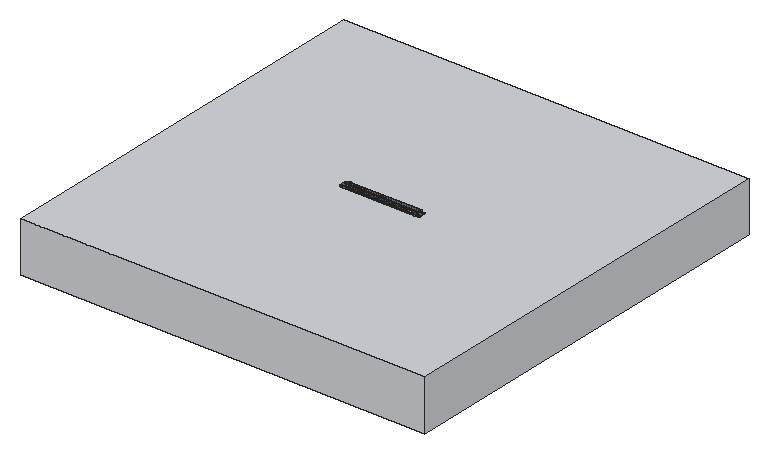
Revit family
Parameters (values of type "M-SPP-K24E")
  Weight = 2.8 lbf
  U/M = "EA"
  U Space = "1"
  System = "MapIT (Copper & Fiber)"
  Serial Number = "M-SPP-K24E"
  Segment = "COPPER"
  Ports = "24"
  Model = "MAPIT"
  Metal = none
  Manufacturer = "SIEMON"
  Loaded/Empty = "Empty"
  Item Group = "MAPIT COPPER"
  Item Class = "XC"
  Description = "MAPIT SPP,24PORT,BLACK,1RMS,EMPTY"
  Default Elevation = 4' - 0"
  Color = "Black"
Reference planes (in)
  plane 1 "Center (Front/Back)": y = 0
  plane 2: z = 0
  plane 3 "Center (Left/Right)": x = 0
Forms (in)
  Extrusion 1, solid
    sketch origin (0, 0, 0) x (1, 0, 0) y (0, 1, 0)
      loop
        line (-48, 48) -> (-48, -48) -> (48, -48) -> (48, 48) -> (-48, 48)
    from 0 to -12
Dimensions and locks (in)
  aligned and locked: plane 2 to Extrusion 1
  aligned and locked: level to Extrusion 1
Nested families (in)
  nested 1: "M-SPP-K24E[1]" at (0, 0, -1.80415), type "M-SPP-K24E[1]"
Definition of nested family "M-SPP-K24E[1]"
  Parameters (values of type "M-SPP-K24E[1]")
    LCD = LCD
    Weight = "1.3 kgs (2.8 lbs)"
    UL Rating = "UL 1863"
    U Space / Capacity = "1U"
    LED Red = LED Red
    Part Number = "M-SPP-K24E"
    Panel = Panel
    Material = Cold rolled steel (CRS)
    Manufacturer Contact Info / Website = "www.siemon.com"
    Manufacturer = "Siemon"
    LED Green = LED Green
    Dimensions (H x W x D) = "44.5mm x 483mm x 95mm\r\n(1.75 in. x 19.0 in. x 3.74 in.)"
    Description = "MapIT G2 Smart Patch Panel"
    Clearance = "50mm (2.0 in.) Front and Rear"
    Assembly Code = ""
  Reference planes (in)
    plane 1: z = 1.80415
    plane 2 "Center (Left/Right)": x = 0
    plane 3: y = 0
    plane 4: z = 0.35317
    plane 5: z = 0.42561
    plane 6: z = 0.34514
  Forms (in)
    Extrusion 1, solid, material "Cold rolled steel (CRS)" <- "Material"
      sketch origin (-0.04393, -1.51004, 0.89105) x (1, 0, 0) y (0, 1, 0)
        loop
          line (-9.5, 1.64088) -> (-9.5, 0.146)
          arc (-9.5, 0.146) -> (-9.46485, 0.06115) -> (-9.38, 0.026) r 0.12
          line (-9.38, 0.026) -> (-8.76, 0.026) -> (-8.76, 0.131) -> (8.76, 0.131) -> (8.76, 0.026) -> (9.38, 0.026)
          arc (9.38, 0.026) -> (9.46485, 0.06115) -> (9.5, 0.146) r 0.12
          line (9.5, 0.146) -> (9.5, 1.64088)
          arc (9.5, 1.64088) -> (9.46485, 1.72573) -> (9.38, 1.76088) r 0.12
          line (9.38, 1.76088) -> (8.75969, 1.76088) -> (8.75969, 1.601) -> (-4.88969, 1.601) -> (-4.88969, 1.34972) -> (-6.16969, 1.34972) -> (-6.16969, 1.601) -> (-6.65, 1.601) -> (-6.65, 1.34972) -> (-7.93, 1.34972) -> (-7.93, 1.601) -> (-8.76, 1.601) -> (-8.76, 1.76088) -> (-9.38, 1.76088)
          arc (-9.38, 1.76088) -> (-9.46485, 1.72573) -> (-9.5, 1.64088) r 0.12
        loop
          arc (9.101, 1.65844) -> (8.961, 1.51844) -> (9.101, 1.37844) r 0.14
          line (9.101, 1.37844) -> (9.227, 1.37844)
          arc (9.227, 1.37844) -> (9.367, 1.51844) -> (9.227, 1.65844) r 0.14
          line (9.227, 1.65844) -> (9.101, 1.65844)
        loop
          arc (9.101, 0.40844) -> (8.961, 0.26844) -> (9.101, 0.12844) r 0.14
          line (9.101, 0.12844) -> (9.227, 0.12844)
          arc (9.227, 0.12844) -> (9.367, 0.26844) -> (9.227, 0.40844) r 0.14
          line (9.227, 0.40844) -> (9.101, 0.40844)
        loop
          arc (-9.227, 1.65844) -> (-9.367, 1.51844) -> (-9.227, 1.37844) r 0.14
          line (-9.227, 1.37844) -> (-9.101, 1.37844)
          arc (-9.101, 1.37844) -> (-8.961, 1.51844) -> (-9.101, 1.65844) r 0.14
          line (-9.101, 1.65844) -> (-9.227, 1.65844)
        loop
          arc (-9.101, 0.12844) -> (-8.961, 0.26844) -> (-9.101, 0.40844) r 0.14
          line (-9.101, 0.40844) -> (-9.227, 0.40844)
          arc (-9.227, 0.40844) -> (-9.367, 0.26844) -> (-9.227, 0.12844) r 0.14
          line (-9.227, 0.12844) -> (-9.101, 0.12844)
        loop
          line (-8.68, 0.99344) -> (-8.68, 0.30344) -> (-8.095, 0.30344) -> (-8.095, 0.99344) -> (-8.68, 0.99344)
        loop
          line (-7.95065, 0.99344) -> (-7.95065, 0.30344) -> (-7.36565, 0.30344) -> (-7.36565, 0.99344) -> (-7.95065, 0.99344)
        loop
          line (-7.2213, 0.99344) -> (-7.2213, 0.30344) -> (-6.6363, 0.30344) -> (-6.6363, 0.99344) -> (-7.2213, 0.99344)
        loop
          line (-6.49195, 0.99344) -> (-6.49195, 0.30344) -> (-5.90695, 0.30344) -> (-5.90695, 0.99344) -> (-6.49195, 0.99344)
        loop
          line (-5.7626, 0.99344) -> (-5.7626, 0.30344) -> (-5.1776, 0.30344) -> (-5.1776, 0.99344) -> (-5.7626, 0.99344)
        loop
          line (-5.03325, 0.99344) -> (-5.03325, 0.30344) -> (-4.44825, 0.30344) -> (-4.44825, 0.99344) -> (-5.03325, 0.99344)
        loop
          line (-4.3039, 0.99344) -> (-4.3039, 0.30344) -> (-3.7189, 0.30344) -> (-3.7189, 0.99344) -> (-4.3039, 0.99344)
        loop
          line (-3.57455, 0.99344) -> (-3.57455, 0.30344) -> (-2.98955, 0.30344) -> (-2.98955, 0.99344) -> (-3.57455, 0.99344)
        loop
          line (-2.8452, 0.99344) -> (-2.8452, 0.30344) -> (-2.2602, 0.30344) -> (-2.2602, 0.99344) -> (-2.8452, 0.99344)
        loop
          line (-2.11585, 0.99344) -> (-2.11585, 0.30344) -> (-1.53085, 0.30344) -> (-1.53085, 0.99344) -> (-2.11585, 0.99344)
        loop
          line (-0.65715, 0.99344) -> (-0.65715, 0.30344) -> (-0.07215, 0.30344) -> (-0.07215, 0.99344) -> (-0.65715, 0.99344)
        loop
          line (-1.3865, 0.99344) -> (-1.3865, 0.30344) -> (-0.8015, 0.30344) -> (-0.8015, 0.99344) -> (-1.3865, 0.99344)
        loop
          line (0.0722, 0.99344) -> (0.0722, 0.30344) -> (0.6572, 0.30344) -> (0.6572, 0.99344) -> (0.0722, 0.99344)
        loop
          line (0.80155, 0.99344) -> (0.80155, 0.30344) -> (1.38655, 0.30344) -> (1.38655, 0.99344) -> (0.80155, 0.99344)
        loop
          line (1.5309, 0.99344) -> (1.5309, 0.30344) -> (2.1159, 0.30344) -> (2.1159, 0.99344) -> (1.5309, 0.99344)
        loop
          line (2.26025, 0.99344) -> (2.26025, 0.30344) -> (2.84525, 0.30344) -> (2.84525, 0.99344) -> (2.26025, 0.99344)
        loop
          line (2.9896, 0.99344) -> (2.9896, 0.30344) -> (3.5746, 0.30344) -> (3.5746, 0.99344) -> (2.9896, 0.99344)
        loop
          line (3.71895, 0.99344) -> (3.71895, 0.30344) -> (4.30395, 0.30344) -> (4.30395, 0.99344) -> (3.71895, 0.99344)
        loop
          line (4.4483, 0.99344) -> (4.4483, 0.30344) -> (5.0333, 0.30344) -> (5.0333, 0.99344) -> (4.4483, 0.99344)
        loop
          line (5.17765, 0.99344) -> (5.17765, 0.30344) -> (5.76265, 0.30344) -> (5.76265, 0.99344) -> (5.17765, 0.99344)
        loop
          line (5.90696, 0.99344) -> (5.90696, 0.30344) -> (6.49196, 0.30344) -> (6.49196, 0.99344) -> (5.90696, 0.99344)
        loop
          line (6.63631, 0.99344) -> (6.63631, 0.30344) -> (7.22131, 0.30344) -> (7.22131, 0.99344) -> (6.63631, 0.99344)
        loop
          line (7.3657, 0.99344) -> (7.3657, 0.30344) -> (7.9507, 0.30344) -> (7.9507, 0.99344) -> (7.3657, 0.99344)
        loop
          line (8.095, 0.99344) -> (8.095, 0.30344) -> (8.68, 0.30344) -> (8.68, 0.99344) -> (8.095, 0.99344)
      from 0.98425 to 1.04425
    Extrusion 2, solid, material "Cold rolled steel (CRS)" <- "Material"
      sketch origin (-0.04393, -1.51004, 0.89105) x (1, 0, 0) y (0, 0, -1)
        loop
          line (-8.68, -0.91309) -> (8.68, -0.91309) -> (8.68, 0.79081) -> (-8.68, 0.79081) -> (-8.68, -0.91309)
      from 0 to 0.05984
    Extrusion 3, solid, material "Cold rolled steel (CRS)" <- "Material"
      sketch origin (0, -1.51004, 0.89105) x (0, 0, -1) y (0, 1, 0)
        loop
          arc (-1.04425, 0.131) -> (-1.00583, 0.03831) -> (-0.91309, 0) r 0.131
          line (-0.91309, 0) -> (-0.91309, 0.05984)
          arc (-0.91309, 0.05984) -> (-0.96341, 0.08068) -> (-0.98425, 0.131) r 0.07116
          line (-0.98425, 0.131) -> (-1.04425, 0.131)
      from -8.68 to 8.68
    Extrusion 4, solid, material "Cold rolled steel (CRS)" <- "Material"
      sketch origin (-0.04393, -1.51004, 0.89105) x (1, 0, 0) y (0, 1, 0)
        loop
          line (-8.7305, 1.66692) -> (-8.7305, 1.601) -> (8.72951, 1.601) -> (8.72951, 1.66692) -> (8.6295, 1.66692) -> (8.6295, 1.70192) -> (-8.6305, 1.70192) -> (-8.6305, 1.66692) -> (-8.7305, 1.66692)
      from 0.98425 to 1.04425
    Extrusion 5, solid, material "Cold rolled steel (CRS)" <- "Material"
      sketch origin (0, -1.05516, 0.89325) x (1, 0, 0) y (0, 0, -1)
        loop
          line (-8.68, 1.34362) -> (8.68, 1.34362) -> (8.51, 1.51362) -> (8.51, 2.01362) -> (8.67919, 2.18282) -> (8.67919, 2.21362) -> (6.42708, 2.21362) -> (-8.67846, 2.21362) -> (-8.67846, 2.18208) -> (-8.51, 2.01362) -> (-8.51, 1.51362) -> (-8.68, 1.34362)
      from -0.00016 to 0.05984
    Extrusion 6, solid, material "Cold rolled steel (CRS)" <- "Material"
      sketch origin (0, -1.54313, 0.89325) x (0, 0, -1) y (0, 1, 0)
        loop
          line (2.21362, 0.54781) -> (2.21362, 0.48781)
          arc (2.21362, 0.48781) -> (2.2412, 0.47639) -> (2.25262, 0.44881) r 0.039
          line (2.25262, 0.44881) -> (2.31262, 0.44881)
          arc (2.31262, 0.44881) -> (2.28363, 0.51881) -> (2.21362, 0.54781) r 0.099
      from 8.12 to 8.68
    Extrusion 7, solid, material "Cold rolled steel (CRS)" <- "Material"
      sketch origin (-2.26, -1.54313, 0.89325) x (0, 0, -1) y (0, 1, 0)
        loop
          line (2.21362, 0.54781) -> (2.21362, 0.48781)
          arc (2.21362, 0.48781) -> (2.2412, 0.47639) -> (2.25262, 0.44881) r 0.039
          line (2.25262, 0.44881) -> (2.31262, 0.44881)
          arc (2.31262, 0.44881) -> (2.28363, 0.51881) -> (2.21362, 0.54781) r 0.099
      from 8.18 to 8.68
    Extrusion 8, solid, material "Cold rolled steel (CRS)" <- "Material"
      sketch origin (-16.8, -1.54313, 0.89325) x (0, 0, -1) y (0, 1, 0)
        loop
          line (2.21362, 0.54781) -> (2.21362, 0.48781)
          arc (2.21362, 0.48781) -> (2.2412, 0.47639) -> (2.25262, 0.44881) r 0.039
          line (2.25262, 0.44881) -> (2.31262, 0.44881)
          arc (2.31262, 0.44881) -> (2.28363, 0.51881) -> (2.21362, 0.54781) r 0.099
      from 8.12 to 8.68
    Extrusion 9, solid, material "Cold rolled steel (CRS)" <- "Material"
      sketch origin (0, -1.51004, 0.74042) x (0, 0, -1) y (0, 1, 0)
        loop
          line (0.64018, 0.05984) -> (0.64018, 0) -> (0.72981, 0) -> (1.19299, 0.46318) -> (1.19299, 0.54781) -> (0.70502, 0.05984) -> (0.64018, 0.05984)
      from -8.68 to 8.68
    Extrusion 10, solid, material "Cold rolled steel (CRS)" <- "Material"
      sketch origin (-0.04393, -1.51004, 0.89105) x (1, 0, 0) y (0, 1, 0)
        loop
          line (-8.7305, 1.08892) -> (-8.6415, 1.08892) -> (-8.6415, 0.898) -> (8.72951, 0.898) -> (8.72951, 1.66692) -> (-8.7305, 1.66692) -> (-8.7305, 1.08892)
        loop
          line (-0.6115, 1.38572) -> (-0.6115, 0.99812) -> (0.61051, 0.99812) -> (0.61051, 1.38572) -> (-0.6115, 1.38572)
      from 1.37974 to 1.42985
    Extrusion 11, solid, material "Cold rolled steel (CRS)" <- "Material"
      sketch origin (-0.04393, -1.51004, 0.89105) x (1, 0, 0) y (0, 0, -1)
        loop
          line (8.7305, -1.33589) -> (8.7305, -1.05306)
          arc (8.7305, -1.05306) -> (8.69389, -0.96467) -> (8.6055, -0.92806) r 0.125
          line (8.6055, -0.92806) -> (-8.6045, -0.92806)
          arc (-8.6045, -0.92806) -> (-8.69289, -0.96467) -> (-8.72951, -1.05306) r 0.125
          line (-8.72951, -1.05306) -> (-8.72951, -1.33589) -> (8.7305, -1.33589)
      from 1.70192 to 1.76088
    Extrusion 12, solid, material "Cold rolled steel (CRS)" <- "Material"
      sketch origin (0, -1.51004, 0.89105) x (0, 0, -1) y (0, 1, 0)
        loop
          line (-1.42985, 1.66692) -> (-1.37974, 1.66692)
          arc (-1.37974, 1.66692) -> (-1.36293, 1.69082) -> (-1.33589, 1.70192) r 0.05212
          line (-1.33589, 1.70192) -> (-1.33589, 1.76088)
          arc (-1.33589, 1.76088) -> (-1.40233, 1.73336) -> (-1.42985, 1.66692) r 0.09396
      from -8.64051 to 8.6415
    Extrusion 13, solid, material "Cold rolled steel (CRS)" <- "Material"
      sketch origin (2.00326, -0.45565, 3.11076) x (0, 0, -1) y (0, 1, 0)
        loop
          line (1.08837, 0.567) -> (1.03337, 0.567) -> (0.99587, 0.5295) -> (0.95837, 0.567) -> (0.90337, 0.567) -> (0.90337, 0.327) -> (0.95837, 0.327) -> (0.99587, 0.3645) -> (1.03337, 0.327) -> (1.08837, 0.327) -> (1.08837, 0.567)
      from -8.18152 to -6.98645
    Extrusion 14, solid, material "LCD" <- "LCD"
      sketch origin (-0.04393, -1.51004, 1.67845) x (1, 0, 0) y (0, 1, 0)
        loop
          line (0.58406, 1.35826) -> (-0.58406, 1.35826) -> (-0.58406, 1.02558) -> (0.58406, 1.02558) -> (0.58406, 1.35826)
      from 0.54849 to 0.64245
  Cuts and joins
    joined: Extrusion 1, Extrusion 2, Extrusion 3, Extrusion 4, Extrusion 9
    joined: Extrusion 10, Extrusion 11, Extrusion 12
  Lines and regions (in)
    reference lines
      curve 1: line (-9.21716, 0, 2.6515) -> (-9.21716, 0, -0.89181)
      curve 2: line (9.1293, 0, 2.6515) -> (9.1293, 0, -0.89181)
      curve 3: line (-11.14173, 0, 1.80415) -> (10.90551, 0, 1.80415)
  Dimensions and locks (in)
    curve 1 to plane 2 "Center (Left/Right)" = 0' - 9.21716"
    plane 2 "Center (Left/Right)" to curve 2 = 0' - 9.1293"
